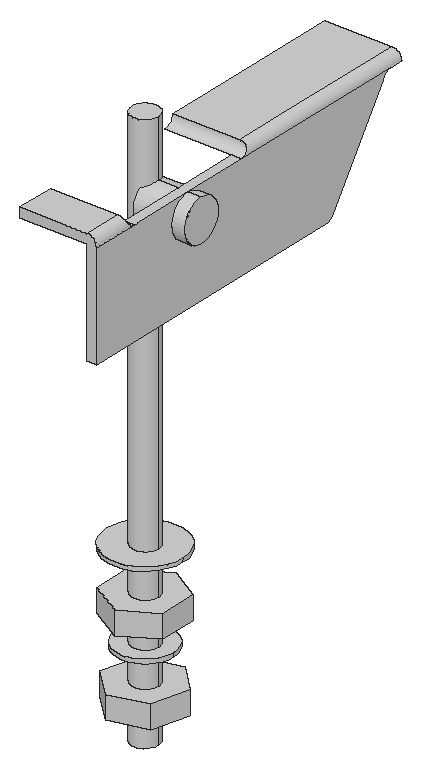
Revit family "QSS+_Дюбель самоустанавливающийся", category Обобщенные модели, Revit 2019
Family settings
  Может служить основой для арматурных стержней = Нет
  Размер круглого соединителя = Использовать диаметр
  Тип детали = Нормальный
  На основе рабочей плоскости = Нет
  Всегда вертикально = Нет
  При загрузке вырезать с полостями = Нет
  Общий = Да
  Точка расчета площади = Нет
Parameters (values of type "QSS+")
  Поиск в таблице имен = ""
  Материал_Корпус = Металл
  d [instance] = 12 mm
  L2 [instance] = L / 2  # 15 mm
  L [instance] = 30 mm
  DN [instance] = 10 mm
  ADSK_Наименование [instance] = "Дюбель самоустанавливающийся"  # constant formula
  ADSK_Масса_Текст [instance] = "1,62"
  ADSK_Масса [instance] = 0
  ADSK_Марка = ""
  ADSK_Код изделия [instance] = "QSS-DSU-000"  # constant formula
  ADSK_Завод-изготовитель = "Agpipe"  # constant formula
  ADSK_Единица измерения = "шт."  # constant formula
Reference planes
  plane 1 "По центру (Вперед/Назад)": y = 0
  plane 2: z = 0
  plane 3 "По центру (Влево/Вправо)": x = 0
  plane 4: y = -40
Forms (mm)
  Extrusion 1, solid, material "Металл" <- "Материал_Корпус"
    sketch origin (0, 0, 0) x (1, 0, 0) y (0, 0, -1)
      loop
        line (-17.5, 0) -> (17.5, 0)
        arc (17.5, 0) -> (21.036, 1.464) -> (22.5, 5) r 5
        line (22.5, 5) -> (22.5, 60) -> (17.5, 60) -> (17.5, 5) -> (-17.5, 5) -> (-17.5, 0)
    from 100 to -100
  Extrusion 2, void
    sketch origin (0, 0, 0) x (0, -1, 0) y (0, 0, -1)
      loop
        arc (-92.848, 5) -> (-89.81, 6.313) -> (-87.475, 8.658) r 8.77
        line (-87.475, 8.658) -> (-54.73, 57.21)
        arc (-54.73, 57.21) -> (-53.469, 58.739) -> (-51.94, 60) r 10.338
        line (-51.94, 60) -> (-48.59, 60) -> (-48.59, 63.457) -> (-112.848, 63.457) -> (-112.848, 5) -> (-92.848, 5)
    from 11.496 to 30
  Extrusion 3, void
    sketch origin (0, 0, 0) x (0, -1, 0) y (0, 0, -1)
      loop
        line (100, 0) -> (80, 0)
        arc (80, 0) -> (78.536, 3.536) -> (75, 5) r 5
        line (75, 5) -> (5, 5)
        arc (5, 5) -> (1.464, 3.536) -> (0, 0) r 5
        line (0, 0) -> (-30, 0) -> (-30, -10) -> (100, -10) -> (100, 0)
    from -61.218 to 60.816
  Extrusion 4, solid, material "Металл" <- "Материал_Корпус"
    sketch origin (0, 0, 0) x (1, 0, 0) y (0, 1, 0)
      loop
        circle (0, -40) r 7
    from -270.504 to 24.704
  Extrusion 5, solid, material "Металл" <- "Материал_Корпус"
    sketch origin (22.5, 0, 0) x (0, 0, -1) y (0, 1, 0)
      loop
        circle (15.972, -40) r 10.972
    from -19.841 to 7
  Extrusion 6, solid, material "Металл" <- "Материал_Корпус"
    sketch origin (0, 0, -180) x (1, 0, 0) y (0, 1, 0)
      loop
        circle (0, -40) r 7
      loop
        circle (0, -40) r 20
    from 0 to 2
  Extrusion 7, solid, material "Металл" <- "Материал_Корпус"
    sketch origin (0, 0, -212.687) x (1, 0, 0) y (0, 1, 0)
      loop
        line (0, -20) -> (-17.321, -30) -> (-17.321, -50) -> (0, -60) -> (17.321, -50) -> (17.321, -30) -> (0, -20)
    from 0 to 12
  Extrusion 8, solid, material "Металл" <- "Материал_Корпус"
    sketch origin (0, 0, -226.166) x (1, 0, 0) y (0, 1, 0)
      loop
        circle (0, -40) r 7
      loop
        circle (0, -40) r 15
    from 0 to 2
  Extrusion 9, solid, material "Металл" <- "Материал_Корпус"
    sketch origin (-28.284, -11.716, -254.565) x (0.707107, 0.707107, 0) y (-0.707107, 0.707107, 0)
      loop
        line (0, -20) -> (-17.321, -30) -> (-17.321, -50) -> (0, -60) -> (17.321, -50) -> (17.321, -30) -> (0, -20)
    from 0 to 12
Cuts and joins
  Extrusion 2, Extrusion 3 cuts Extrusion 1
  joined: Extrusion 1, Extrusion 4, Extrusion 5
Dimensions and locks
  aligned and locked: level to plane 2
